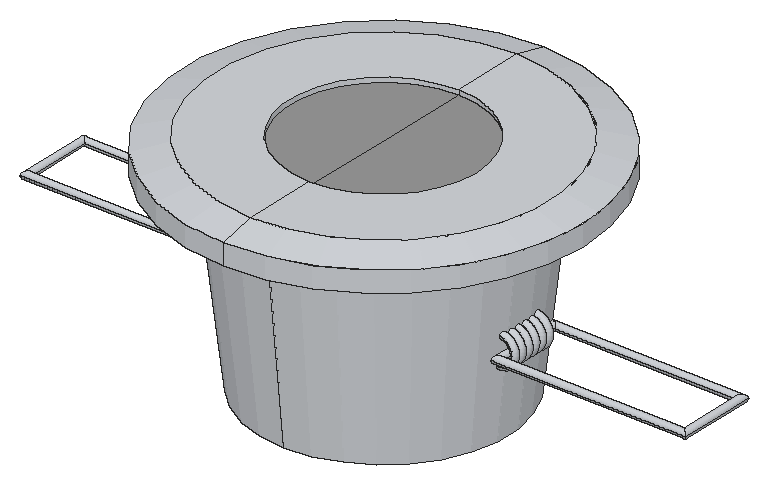
Revit family "0005364-4000K", category Lighting Fixtures, host Face, Revit 2018
Family settings
  Host = Face
  Round Connector Dimension = Use Diameter
  Part Type = Normal
  OmniClass Number = 23.80.70.00
  OmniClass Title = Lighting
  Cut with Voids When Loaded = No
  Light Source = Yes
  Shared = No
  Room Calculation Point = No
Parameters (values of type "0005364 OBICO 68 IP65 530LM 3CCT DIM ADJ BLK")
  Weight = "n/a"
  Wattage Comments = ""
  Wattage = 159.577 W
  WarrantyStartDate [instance] = "n/a"
  WarrantyGuarantorParts = "n/a"
  WarrantyDurationUnit = "n/a"
  WarrantyDurationParts = ""
  WarrantyDescription = "http://www.sylvania-lighting.com"
  built-in parameter 1150110 = 1 (stored number, unit not read)
  Voltage = 0 V
  URL = "0.8"
  TypeName = "OBICO 68 IP65 530lm 3CCT DIM ADJ BLACK"
  Type Image = <None>
  Type Comments = "n/a"
  built-in parameter 1114217 = 1 (stored number, unit not read)
  Tilt Angle = -90.00°
  built-in parameter 1150109 = 1 (stored number, unit not read)
  built-in parameter 1150134 = 12
  built-in parameter 1150113 = 1 (stored number, unit not read)
  SerialNumber [instance] = "n/a"
  Photometric Web File = "0005364-4000K.ies"
  Material_3_SYL = none
  PowerFactor = 0.9
  PowerConsumption = "Lighting"
  NominalLength = 117 mm
  NominalHeight = 54 mm
  NominalDepth = 96 mm
  Name = "OBICO 68 IP65 530lm 3CCT DIM ADJ BLACK"
  ModelReference = Name  # "OBICO 68 IP65 530lm 3CCT DIM ADJ BLACK"
  ModelNumber = "0005364"
  Model = Name  # "OBICO 68 IP65 530lm 3CCT DIM ADJ BLACK"
  Material = "Feilo Sylvania"
  ManufacturerName = "98 lm/W"
  Manufacturer = ""
  LuminousEfficacy = ""
  built-in parameter 1150105 = 20419.8 (stored number, unit not read)
  Lumens = 13404.5 lm
  LuminaireType = "0"
  built-in parameter 1150115 = 1 (stored number, unit not read)
  LightOutputRatio = "LED"
  built-in parameter 1150137 = (empty or 0)
  built-in parameter 1150139 = (empty or 0)
  LampsType = Lamp  # "n/a"
  LampNominalLuminous = "3000 K"
  LampMacAdamStep = "90"
  LampColourTemperature = "LED"
  LampColourRenderingIndex = "16500"
  built-in parameter 1150112 = 1 (stored number, unit not read)
  built-in parameter 1150114 = 1 (stored number, unit not read)
  Lamp = "n/a"
  Keynote = "n/a"
  InstallationDate [instance] = "n/a"
  InputVoltage = "0"
  InputNominalFrequency = "3000"
  built-in parameter 1150132 = (empty or 0)
  built-in parameter 1150102 = (empty or 0)
  built-in parameter 1150107 = 4000 (stored number, unit not read)
  built-in parameter 1150138 = (empty or 0)
  IngressProtection = "IfcLightFixtureType"
  ImpactProtectionIndex = "IfcLightFixtureType"
  built-in parameter 1150106 = 204.2 (stored number, unit not read)
  IfcExportType = "IfcLightFixtureType"
  IfcExportAs = "Class II"
  Emit from Circle Diameter = 609.6 mm
  Emit Shape Visible in Rendering = no
  ElectricShockClassification = "98"
  built-in parameter 1150104 = 7.8039 (stored number, unit not read)
  DocumentationLiterature = "http://www.sylvania-lighting.com/product/en-int/products/0005364"
  DimmingControlOptions = "n/a"
  Material_2_SYL = none
  Dimming Lamp Color Temperature Shift = <None>
  Description = "OBICO 68 IP65 530lm 3CCT DIM ADJ BLACK"
  Default Elevation = 1219.2 mm
  CreatedOn = "27/07/2022"
  CreatedBy = "@sylvania-lighting.com"
  Cost = 0
  Color Filter = 16777215
  built-in parameter 1114216 [instance] = (empty or 0)
  ClassificationValue = "EF_70_80"
  ClassificationName = "Uniclass2015"
  Material_1_SYL = Default
  BarCode [instance] = "n/a"
  built-in parameter 1114218 = 1 (stored number, unit not read)
  built-in parameter 1150133 = 10 (stored number, unit not read)
  AssetType = "Fixed"
  AssetIdentifier [instance] = "n/a"
  Assembly Code = "D5020200"
  Apparent Load = 5.4 VA
  Material_4_SYL = none
Reference planes
  plane 1 "Center (Front/Back)": y = 0
  plane 2: z = 0
  plane 3 "Center (Left/Right)": x = 0
  plane 4: y = -48
  plane 5: y = 48
  plane 6: z = 7
  plane 7: z = -4
  plane 8: z = -47
  plane 9: y = 40
  plane 10: y = -40
  plane 11: y = 30
  plane 12: y = -30
  plane 13: y = -35
  plane 14: y = 35
  plane 15: z = 5
  plane 16: y = 22.5
  plane 17: z = 6
Forms (mm)
  Revolve 1, solid, detail levels medium+fine
    sketch origin (0.25, 1524, 1219.2) x (0, 1, 0) y (0, 0, 1)
      loop
        line (-1524, -1214.2) -> (-1524, -1266.2) -> (-1494, -1266.2) -> (-1489, -1223.2) -> (-1489, -1219.2) -> (-1476, -1219.2) -> (-1476, -1214.2) -> (-1484, -1212.2) -> (-1501.5, -1212.2) -> (-1501.5, -1214.2) -> (-1524, -1214.2)
      axis (-1524, -1266.2) -> (-1524, -1212.2)
    angle from 360 to 0
  Revolve 2, solid, material "Glass, White, High Luminance"
    sketch origin (0.25, 1524, 1219.2) x (0, 1, 0) y (0, 0, 1)
      loop
        line (-1501.5, -1213.2) -> (-1524, -1213.2) -> (-1524, -1214.2) -> (-1501.5, -1214.2) -> (-1501.5, -1213.2)
      axis (-1524, -1214.2) -> (-1524, -1213.2)
    angle from 360 to 0
  Sweep 3, solid, detail levels fine
    path origin (-4.117, 0.46, 7.176) x (1, 0, 0) y (0, 1, 0)
      loop
        line (-75, 8.5) -> (-75, -8.5) -> (-30, -8.5) -> (-30, 8.5) -> (-75, 8.5)
    profile origin (-56.617, 8.96, 7.176) x (0, 1, 0) y (0, 0, 1)
      loop
        circle (0, -33.041) r 0.899
  Revolve 4, solid, detail levels fine
    sketch origin (-32.259, 1523.987, 1226.512) x (0, 1, 0) y (0, 0, 1)
      loop
        circle (-1518.723, -1248.745) r 0.801
      loop
        circle (-1520.733, -1248.823) r 0.801
      loop
        circle (-1522.743, -1248.823) r 0.801
      loop
        circle (-1524.772, -1248.823) r 0.801
      loop
        circle (-1526.817, -1248.823) r 0.801
      loop
        circle (-1528.846, -1248.823) r 0.801
      axis (-1529.647, -1252.2) -> (-1517.923, -1252.2)
    angle from -29.09 to 193.564
  Sweep 5, solid, detail levels fine
    path origin (4.117, 0.46, 7.176) x (-1, 0, 0) y (0, -1, 0)
      loop
        line (-75, -8.5) -> (-30, -8.5) -> (-30, 8.5) -> (-75, 8.5) -> (-75, -8.5)
    profile origin (56.617, 8.96, 7.176) x (0, -1, 0) y (0, 0, 1)
      loop
        circle (0, -33.041) r 0.899
  Revolve 6, solid, detail levels fine
    sketch origin (32.259, 1523.987, 1226.512) x (0, 1, 0) y (0, 0, -1)
      loop
        circle (-1518.723, 1248.745) r 0.801
      loop
        circle (-1520.733, 1248.823) r 0.801
      loop
        circle (-1522.743, 1248.823) r 0.801
      loop
        circle (-1524.772, 1248.823) r 0.801
      loop
        circle (-1526.817, 1248.823) r 0.801
      loop
        circle (-1528.846, 1248.823) r 0.801
      axis (-1529.647, 1252.2) -> (-1517.923, 1252.2)
    angle from -29.09 to 193.564
  Extrusion 7, solid, detail levels coarse
    sketch origin (0, 0, 0) x (1, 0, 0) y (0, 0, 1)
      loop
        line (-80, 7) -> (-80, -47) -> (80.023, -47) -> (80.023, 7) -> (-80, 7)
    from -48 to 48
Dimensions and locks
  aligned and locked: plane 2 to host face
  aligned and locked: level to host face
  aligned and locked: Revolve 2 sketch curve to plane 17
  aligned and locked: Revolve 2 sketch curve to plane 16
  aligned and locked: Revolve 2 sketch curve to Revolve 1
  aligned and locked: plane 1 "Center (Front/Back)" to Revolve 2 sketch curve
Connectors
  electrical at (0.25, -30, -47)
    settings: on Revolve 1, index 1, voltage 0 V, apparent load 0 VA, apparent load phase1 0 VA, apparent load phase2 0 VA, apparent load phase3 0 VA, power factor 1, load classification "Other", number of poles 1, system type 31, power factor state 1, is connector primary yes, connector utility no, sub classification motor no, connector description ""
